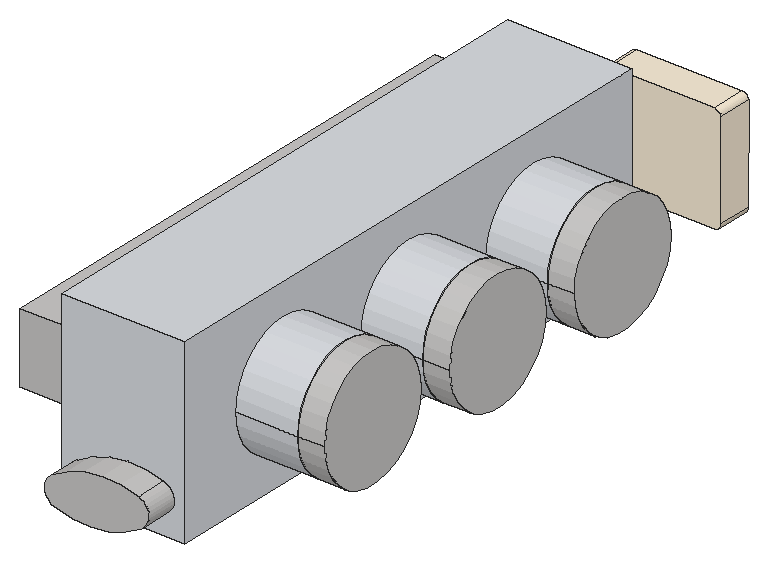
Revit family "HVAC_Ductwork_Airzone_Motorized-Plenum_Galletti_Standard_3-Dampers", category Mechanical Equipment, Revit 2016
Family settings
  Part Type = Normal
  Round Connector Dimension = Use Diameter
  OmniClass Number = 23.75.70.14
  OmniClass Title = Air Ductwork
  Work Plane-Based = No
  Always vertical = Yes
  Cut with Voids When Loaded = No
  Shared = No
  Room Calculation Point = No
Parameters (values of type "GALST01S3")
  Voltage = 230 V
  URL = "www.airzone.es"
  Type Image Comments = "Image available in product documentation download"  # constant formula
  Revit Model Version = "1.0"  # constant formula
  Revit Model Author URL = "www.a3d.es"
  Revit Model Author = "A3D Consulting"  # constant formula
  Product Documentation Download URL = "http://doc.airzone.es/BIM/Easyzone/Galleti-Airzone_motorized_plenum.zip"
  Product Comments = "Refer to technical documentation for further details"  # constant formula
  Power Factor = 1
  Neck Width = 863.600 mm
  Neck Length = 95.000 mm
  Neck Height = 116.600 mm
  Material = Metal - AIRZONE - Galvanized Sheet - Semi-polished
  Main Control Board Material = Plastic - AIRZONE - Smooth - Off-white
  Load Classification = Other
  Insulated Body Width = 205.000 mm  # constant formula
  Insulated Body Material = Metal -AIRZONE - Insulating Lining -Aluminum Finish
  Insulated Body Length = 930.000 mm  # constant formula
  Insulated Body Height = 300.000 mm  # constant formula
  Flow [instance] = Damper 3 Air Flow + Damper 2 Air Flow + Damper 1 Air Flow - Fresh Air Inlet 2 Flow - Fresh Air Inlet 1 Flow  # 900 m³/h
  Fresh Air Inlet 1 Flow [instance] = 0 m³/h
  Fresh Air Inlet 2 Flow [instance] = 0 m³/h
  Fresh Air Inlet Connection Width = 175.000 mm
  Fresh Air Inlet Connection Height = 75.000 mm
  Model = "GALST01S3"
  Neck Side Offset = 33.200 mm
  Neck Bottom Offset = 113.200 mm
  Type Image = <None>
  Manufacturer = "AIRZONE"  # constant formula
  Main Control Board Depth = 57.000 mm  # constant formula
  Main Control Board Width = 195.000 mm  # constant formula
  Main Control Board Height = 180.000 mm  # constant formula
  Fixing = ""
  Disclaimer = "All information provided in this model is reviewed before being published. However, Airzone cannot guarantee this model is error-free, therefore users are strongly encouraged to check for technical documentation and updates"  # constant formula
  Description = "Airzone standard motorized plenum with neck that mechanically adapts to the main ducted AC units of Galletti."
  Type Comments = ""
  Dampers Length = 149.000 mm  # constant formula
  Dampers Diameter = 200.000 mm  # constant formula
  Damper 1 Air Flow [instance] = 300 m³/h
  Damper 2 Air Flow [instance] = 300 m³/h
  Damper 3 Air Flow [instance] = 300 m³/h
  Fresh Air Inlet Connection Offset Height = 48.305 mm  # constant formula
  Compatible Accesories = ""
  Apparent Load = 57.5 VA
Reference planes
  plane 1 "Center (Front/Back)": y = 0
  plane 2 "Center (Elevation)": z = 0
  plane 3 "Center (Left/Right)": x = 0
  plane 4 "Neck Back": y = 431.8
  plane 5 "Neck Front": y = -431.8
  plane 6 "Neck Top": z = 58.3
  plane 7 "Neck Bottom": z = -58.3
  plane 8 "Left": x = 95
  plane 9 "Bottom": z = -171.5
  plane 10 "Top": z = 128.5
  plane 11 "Front": y = -465
  plane 12 "Back": y = 465
  plane 13 "Right": x = 300
  plane 14 "Dampers Front": x = 449
  plane 15 "Dampers Center (Elevation)": z = -21.5
  plane 16 "Damper3": y = -260
  plane 17 "Damper2": y = 0
  plane 18 "Damper1": y = 260
  plane 19 "Middle": y = 0
  plane 20 "FreshAir Center (Elevation)": z = -123.195
  plane 21 "FreshAir1": y = 517.5
  plane 22 "FreshAir2": y = -517.5
  plane 23 "Dampers Lining": x = 404
  plane 24 "FreshAir Vertical Axis": x = 195.83
  plane 25 "ConnectionBox Side": x = 254
  plane 26 "Main Control Board Center (Left/Right)": x = 351.5
Forms (mm)
  Extrusion 1, solid, material "Metal - AIRZONE - Galvanized Sheet - Semi-polished" <- "Material"
    sketch origin (0, 0, 0) x (0, 1, 0) y (0, 0, 1)
      loop
        line (-431.8, 58.3) -> (-431.8, -58.3) -> (431.8, -58.3) -> (431.8, 58.3) -> (-431.8, 58.3)
    from 0 to 95
  Extrusion 2, solid, material "Metal -AIRZONE - Insulating Lining -Aluminum Finish" <- "Insulated Body Material"
    sketch origin (95, 0, 0) x (0, 1, 0) y (0, 0, 1)
      loop
        line (-465, 128.5) -> (-465, -171.5) -> (465, -171.5) -> (465, 128.5) -> (-465, 128.5)
    from 0 to 205
  Extrusion 3, solid, material "Metal - AIRZONE - Galvanized Sheet - Semi-polished" <- "Material"
    sketch origin (300, 0, 0) x (0, 1, 0) y (0, 0, 1)
      loop
        circle (-260, -21.5) r 100
    from 104 to 149
  Extrusion 4, solid, material "Metal - AIRZONE - Galvanized Sheet - Semi-polished" <- "Material"
    sketch origin (300, 0, 0) x (0, 1, 0) y (0, 0, 1)
      loop
        circle (0, -21.5) r 100
    from 104 to 149
  Extrusion 5, solid, material "Metal - AIRZONE - Galvanized Sheet - Semi-polished" <- "Material"
    sketch origin (300, 0, 0) x (0, 1, 0) y (0, 0, 1)
      loop
        circle (260, -21.5) r 100
    from 104 to 149
  Extrusion 6, solid, material "Metal - AIRZONE - Galvanized Sheet - Semi-polished" <- "Material"
    sketch origin (0, -465, 0) x (0, 0, 1) y (1, 0, 0)
      loop
        arc (-90.641, 265.204) -> (-112.108, 282.105) -> (-136.812, 270.434) r 25.96
        arc (-136.812, 270.434) -> (-162.802, 200.598) -> (-155.349, 126.456) r 164.67
        arc (-155.349, 126.456) -> (-134.165, 109.589) -> (-109.494, 120.751) r 25.96
        arc (-109.494, 120.751) -> (-83.225, 190.78) -> (-90.641, 265.204) r 164.67
    from 0 to -52.5
  Extrusion 7, solid, material "Metal - AIRZONE - Galvanized Sheet - Semi-polished" <- "Material"
    sketch origin (0, 465, 0) x (0, 0, 1) y (1, 0, 0)
      loop
        arc (-90.641, 265.204) -> (-111.825, 282.071) -> (-136.496, 270.909) r 25.96
        arc (-136.496, 270.909) -> (-162.679, 201.53) -> (-155.767, 127.699) r 164.67
        arc (-155.767, 127.699) -> (-134.532, 109.637) -> (-109.178, 121.226) r 25.96
        arc (-109.178, 121.226) -> (-83.188, 191.062) -> (-90.641, 265.204) r 164.67
    from 0 to 52.5
  Extrusion 8, solid, material "Metal -AIRZONE - Insulating Lining -Aluminum Finish" <- "Insulated Body Material"
    sketch origin (300, 0, 0) x (0, 1, 0) y (0, 0, 1)
      loop
        circle (260, -21.5) r 100
    from 0 to 104
  Extrusion 9, solid, material "Metal -AIRZONE - Insulating Lining -Aluminum Finish" <- "Insulated Body Material"
    sketch origin (300, -260, 0) x (0, 1, 0) y (0, 0, 1)
      loop
        circle (260, -21.5) r 100
    from 0 to 104
  Extrusion 10, solid, material "Metal -AIRZONE - Insulating Lining -Aluminum Finish" <- "Insulated Body Material"
    sketch origin (300, -520, 0) x (0, 1, 0) y (0, 0, 1)
      loop
        circle (260, -21.5) r 100
    from 0 to 104
Lines and regions (mm)
  Masking region 1
    outline origin (0, 0, 0) x (1, 0, 0) y (0, 1, 0)
      loop
        line (95, 465) -> (95, -465) -> (300, -465) -> (300, 465) -> (95, 465)
  Masking region 2, detail levels medium+fine
    outline origin (0, 0, 0) x (1, 0, 0) y (0, 1, 0)
      loop
        line (0, 431.8) -> (0, -431.8) -> (95, -431.8) -> (95, 431.8) -> (0, 431.8)
  Masking region 3, detail levels medium+fine
    outline origin (0, 0, 0) x (1, 0, 0) y (0, 1, 0)
      loop
        line (300, -160) -> (300, -360) -> (449, -360) -> (449, -160) -> (300, -160)
  Masking region 4, detail levels medium+fine
    outline origin (0, 260, 0) x (1, 0, 0) y (0, 1, 0)
      loop
        line (300, -160) -> (300, -360) -> (449, -360) -> (449, -160) -> (300, -160)
  Masking region 5, detail levels medium+fine
    outline origin (0, 520, 0) x (1, 0, 0) y (0, 1, 0)
      loop
        line (300, -160) -> (300, -360) -> (449, -360) -> (449, -160) -> (300, -160)
  Masking region 6, detail levels medium+fine
    outline origin (0, 0, -123.195) x (1, 0, 0) y (0, 1, 0)
      loop
        line (108.33, 517.5) -> (108.33, 465) -> (283.33, 465) -> (283.33, 517.5) -> (108.33, 517.5)
  Masking region 7, detail levels medium+fine
    outline origin (0, 0, -123.195) x (1, 0, 0) y (0, 1, 0)
      loop
        line (108.33, -465) -> (108.33, -517.5) -> (283.33, -517.5) -> (283.33, -465) -> (108.33, -465)
  Masking region 8, detail levels medium+fine
    outline origin (0, 0, 128.5) x (0, -1, 0) y (1, 0, 0)
      loop
        line (-522, 254) -> (-465, 254) -> (-465, 449) -> (-522, 449) -> (-522, 254)
  symbolic lines, detail levels coarse
    curve 1: line (95, -465, 0) -> (300, 0, 0)
    curve 2: line (300, 0, 0) -> (95, 465, 0)
Dimensions and locks
  equal spacing: plane 4 "Neck Back", plane 1 "Center (Front/Back)", plane 5 "Neck Front"
  "Neck Width": plane 4 "Neck Back" to plane 5 "Neck Front"
  equal spacing: plane 6 "Neck Top", level, plane 7 "Neck Bottom"
  "Neck Height": plane 6 "Neck Top" to plane 7 "Neck Bottom"
  "Neck Length": plane 3 "Center (Left/Right)" to plane 8 "Left"
  "Neck Bottom Offset": plane 7 "Neck Bottom" to plane 9 "Bottom"
  "Insulated Body Height": plane 10 "Top" to plane 9 "Bottom"
  "Insulated Body Length": plane 12 "Back" to plane 11 "Front"
  "Insulated Body Width": plane 8 "Left" to plane 13 "Right"
  "Dampers Length": plane 13 "Right" to plane 14 "Dampers Front"
  equal spacing: plane 10 "Top", plane 15 "Dampers Center (Elevation)", plane 9 "Bottom"
  plane 18 "Damper1" to plane 17 "Damper2" to plane 16 "Damper3" = 260.000 mm locked, 260.000 mm locked
  equal spacing: plane 12 "Back", plane 19 "Middle", plane 11 "Front"
  plane 8 "Left" to plane 13 "Right" = 205.000 mm
  "Fresh Air Inlet Connection Offset Height": plane 20 "FreshAir Center (Elevation)" to plane 9 "Bottom"
  locked: Extrusion 6 sketch curve to plane 9 "Bottom" at 56.47
  locked: plane 13 "Right" to Extrusion 6 sketch curve at 43.69
  locked: plane 13 "Right" to Extrusion 6 sketch curve at 164.65
  locked: Extrusion 6 sketch curve to plane 9 "Bottom" at 40.54
  locked: plane 13 "Right" to Extrusion 6 sketch curve at 87.91
  locked: plane 9 "Bottom" to Extrusion 6 sketch curve at 75.01
  locked: plane 13 "Right" to Extrusion 6 sketch curve at 120.43
  locked: Extrusion 6 sketch curve to plane 9 "Bottom" at 172.02
  locked: plane 13 "Right" to Extrusion 7 sketch curve at 43.69
  locked: Extrusion 7 sketch curve to plane 9 "Bottom" at 56.47
  locked: Extrusion 7 sketch curve to plane 9 "Bottom" at 40.54
  locked: plane 13 "Right" to Extrusion 7 sketch curve at 164.65
  locked: plane 13 "Right" to Extrusion 7 sketch curve at 120.43
  locked: Extrusion 7 sketch curve to plane 9 "Bottom" at 172.02
  locked: plane 9 "Bottom" to Extrusion 7 sketch curve at 75.01
  locked: plane 13 "Right" to Extrusion 7 sketch curve at 87.91
  "Neck Side Offset": plane 12 "Back" to plane 4 "Neck Back"
  equal spacing: plane 12 "Back", plane 17 "Damper2", plane 11 "Front"
  locked: plane 21 "FreshAir1" to plane 12 "Back" at 52.5
  plane 11 "Front" to plane 22 "FreshAir2" = 52.500 mm
  locked: connector elem to plane 13 "Right" at 104.17
  locked: plane 20 "FreshAir Center (Elevation)" to connector elem
  locked: plane 13 "Right" to connector elem at 104.17
  locked: connector elem to plane 20 "FreshAir Center (Elevation)"
  locked: plane 23 "Dampers Lining" to plane 14 "Dampers Front" at 45
  locked: plane 24 "FreshAir Vertical Axis" to plane 13 "Right" at 104.17
  equal spacing: Masking region 3 sketch curve, plane 16 "Damper3", Masking region 3 sketch curve
  "Dampers Diameter": Masking region 3 sketch curve to Masking region 3 sketch curve
  equal spacing: Masking region 4 sketch curve, plane 17 "Damper2", Masking region 4 sketch curve
  "Dampers Diameter": Masking region 4 sketch curve to Masking region 4 sketch curve
  equal spacing: Masking region 5 sketch curve, plane 18 "Damper1", Masking region 5 sketch curve
  "Dampers Diameter": Masking region 5 sketch curve to Masking region 5 sketch curve
  equal spacing: Masking region 6 sketch curve, plane 24 "FreshAir Vertical Axis", Masking region 6 sketch curve
  "Fresh Air Inlet Connection Width": Masking region 6 sketch curve to Masking region 6 sketch curve
  equal spacing: Masking region 7 sketch curve, plane 24 "FreshAir Vertical Axis", Masking region 7 sketch curve
  "Fresh Air Inlet Connection Width": Masking region 7 sketch curve to Masking region 7 sketch curve
  "Main Control Board Depth": Masking region 8 sketch curve to plane 12 "Back"
  "Main Control Board Width": plane 25 "ConnectionBox Side" to plane 14 "Dampers Front"
  equal spacing: plane 25 "ConnectionBox Side", plane 26 "Main Control Board Center (Left/Right)", plane 14 "Dampers Front"
  locked: nested 1 to plane 10 "Top" at 10
  "Dampers Diameter": diameter of Extrusion 3 sketch curve
  "Dampers Diameter": diameter of Extrusion 4 sketch curve
  "Dampers Diameter": diameter of Extrusion 5 sketch curve
  radius of Extrusion 7 sketch curve = 164.670 mm  (x2)
  radius of Extrusion 7 sketch curve = 25.960 mm  (x2)
  radius of Extrusion 6 sketch curve = 164.670 mm  (x2)
  radius of Extrusion 6 sketch curve = 25.960 mm  (x2)
  "Dampers Diameter": diameter of Extrusion 8 sketch curve
  "Dampers Diameter": diameter of Extrusion 9 sketch curve
  "Dampers Diameter": diameter of Extrusion 10 sketch curve
  aligned and locked: level to plane 2 "Center (Elevation)"
  aligned and locked: plane 5 "Neck Front" to Extrusion 1 sketch curve
  aligned and locked: Extrusion 1 sketch curve to plane 6 "Neck Top"
  aligned and locked: Extrusion 1 sketch curve to plane 4 "Neck Back"
  aligned and locked: plane 7 "Neck Bottom" to Extrusion 1 sketch curve
  aligned and locked: Extrusion 1 to plane 3 "Center (Left/Right)"
  aligned and locked: Extrusion 2 sketch curve to plane 10 "Top"
  aligned and locked: Extrusion 2 sketch curve to plane 12 "Back"
  aligned and locked: plane 9 "Bottom" to Extrusion 2 sketch curve
  aligned and locked: plane 11 "Front" to Extrusion 2 sketch curve
  aligned and locked: plane 13 "Right" to Extrusion 2
  aligned and locked: Extrusion 2 to plane 8 "Left"
  aligned and locked: plane 16 "Damper3" to Extrusion 3 sketch curve
  aligned and locked: plane 15 "Dampers Center (Elevation)" to Extrusion 3 sketch curve
  aligned and locked: plane 17 "Damper2" to Extrusion 4 sketch curve
  aligned and locked: plane 15 "Dampers Center (Elevation)" to Extrusion 4 sketch curve
  aligned and locked: plane 18 "Damper1" to Extrusion 5 sketch curve
  aligned and locked: plane 15 "Dampers Center (Elevation)" to Extrusion 5 sketch curve
  aligned and locked: plane 14 "Dampers Front" to Extrusion 5
  aligned and locked: plane 14 "Dampers Front" to Extrusion 4
  aligned and locked: plane 14 "Dampers Front" to Extrusion 3
  aligned and locked: plane 8 "Left" to Extrusion 1
  aligned and locked: plane 22 "FreshAir2" to Extrusion 6
  aligned and locked: plane 21 "FreshAir1" to Extrusion 7
  aligned and locked: Extrusion 7 to plane 12 "Back"
  aligned and locked: plane 11 "Front" to Extrusion 6
  aligned and locked: Extrusion 5 to plane 23 "Dampers Lining"
  aligned and locked: Extrusion 5 to Extrusion 4
  aligned and locked: Extrusion 4 to Extrusion 3
  aligned and locked: plane 23 "Dampers Lining" to Extrusion 8
  aligned and locked: Extrusion 10 to plane 13 "Right"
  aligned and locked: plane 23 "Dampers Lining" to Extrusion 10
  aligned and locked: Extrusion 9 to plane 13 "Right"
  aligned and locked: plane 23 "Dampers Lining" to Extrusion 9
  aligned and locked: Extrusion 8 to plane 13 "Right"
  aligned and locked: Extrusion 9 to Extrusion 8
  aligned and locked: plane 18 "Damper1" to Extrusion 8 sketch curve
  aligned and locked: plane 15 "Dampers Center (Elevation)" to Extrusion 8 sketch curve
  aligned and locked: plane 17 "Damper2" to Extrusion 9 sketch curve
  aligned and locked: plane 15 "Dampers Center (Elevation)" to Extrusion 9 sketch curve
  aligned and locked: plane 16 "Damper3" to Extrusion 10 sketch curve
  aligned and locked: plane 15 "Dampers Center (Elevation)" to Extrusion 10 sketch curve
  aligned and locked: Masking region 1 sketch curve to plane 12 "Back"
  aligned and locked: plane 8 "Left" to Masking region 1 sketch curve
  aligned and locked: Masking region 1 sketch curve to plane 13 "Right"
  aligned and locked: plane 11 "Front" to Masking region 1 sketch curve
  aligned and locked: plane 5 "Neck Front" to Masking region 2 sketch curve
  aligned and locked: plane 3 "Center (Left/Right)" to Masking region 2 sketch curve
  aligned and locked: Masking region 2 sketch curve to plane 4 "Neck Back"
  aligned and locked: Masking region 2 sketch curve to plane 8 "Left"
  aligned and locked: plane 13 "Right" to Masking region 3 sketch curve
  aligned and locked: Masking region 3 sketch curve to plane 14 "Dampers Front"
  aligned and locked: plane 13 "Right" to Masking region 4 sketch curve
  aligned and locked: Masking region 4 sketch curve to plane 14 "Dampers Front"
  aligned and locked: plane 13 "Right" to Masking region 5 sketch curve
  aligned and locked: Masking region 5 sketch curve to plane 14 "Dampers Front"
  aligned and locked: plane 12 "Back" to Masking region 6 sketch curve
  aligned and locked: Masking region 6 sketch curve to plane 21 "FreshAir1"
  aligned and locked: Masking region 7 sketch curve to plane 11 "Front"
  aligned and locked: Masking region 7 sketch curve to plane 22 "FreshAir2"
  aligned and locked: plane 12 "Back" to Masking region 8 sketch curve
  aligned and locked: Masking region 8 sketch curve to plane 14 "Dampers Front"
  aligned and locked: plane 25 "ConnectionBox Side" to Masking region 8 sketch curve
  aligned and locked: nested 1 to plane 26 "Main Control Board Center (Left/Right)"
Automatic sketch dimensions
  curve 2 to plane 8 "Left" = 0.000 mm
  curve 1 to plane 8 "Left" = 0.000 mm
  curve 1 to plane 13 "Right" = 0.000 mm
  curve 1 to plane 11 "Front" = 0.000 mm
  curve 2 to plane 17 "Damper2" = 0.000 mm
  curve 2 to plane 12 "Back" = 0.000 mm
Nested families
  nested 1: "Airzone_Main-Control-Board" at (351.5, 465, 28.5) x (-1, 0, 0) z (0, 1, 0), Extrusion <- "Main Control Board Depth", Height <- "Main Control Board Height", Width <- "Main Control Board Width", Material <- "Main Control Board Material", type "Standard"
    with Width 195.000 mm, Material Plastic - AIRZONE - Smooth - Off-white, Height 180.000 mm, Extrusion 57.000 mm
Connectors
  hvac at (449, -260, -21.5), driven by "Damper 3 Air Flow", driven by "Dampers Diameter"
    settings: on Extrusion 3, index 1, duct flow 300 m³/h, flow factor 0, pres drop 0.0 Pa, loss coef 0, conn angle 0.00°, conn width 304.8 mm, conn height 304.8 mm, conn diameter 200 mm, duct sys type 1, conn prof type 0, flow config 0, flow direction 2, loss method 0, conn ref index -1, conn util no, is conn primary no, conn desc "Supply Air Out 3"
  hvac at (449, 0, -21.5), driven by "Damper 2 Air Flow", driven by "Dampers Diameter"
    settings: on Extrusion 4, index 2, duct flow 300 m³/h, flow factor 0, pres drop 0.0 Pa, loss coef 0, conn angle 0.00°, conn width 304.8 mm, conn height 304.8 mm, conn diameter 200 mm, duct sys type 1, conn prof type 0, flow config 0, flow direction 2, loss method 0, conn ref index -1, conn util no, is conn primary no, conn desc "Supply Air Out 2"
  hvac at (449, 260, -21.5), driven by "Damper 1 Air Flow", driven by "Dampers Diameter"
    settings: on Extrusion 5, index 3, duct flow 300 m³/h, flow factor 0, pres drop 0.0 Pa, loss coef 0, conn angle 0.00°, conn width 304.8 mm, conn height 304.8 mm, conn diameter 200 mm, duct sys type 1, conn prof type 0, flow config 0, flow direction 2, loss method 0, conn ref index -1, conn util no, is conn primary no, conn desc "Supply Air Out 1"
  hvac at (0, 0, 0), driven by "Flow", driven by "Neck Height", driven by "Neck Width"
    settings: on Extrusion 1, index 6, duct flow 900 m³/h, flow factor 0, pres drop 0.0 Pa, loss coef 0, conn angle 0.00°, conn width 863.6 mm, conn height 116.6 mm, conn diameter 609.6 mm, duct sys type 1, conn prof type 1, flow config 1, flow direction 1, loss method 0, conn ref index -1, conn util no, is conn primary yes, conn desc "Supply Air In"
  hvac at (195.83, -517.5, -123.195), driven by "Fresh Air Inlet 2 Flow", driven by "Fresh Air Inlet Connection Width", driven by "Fresh Air Inlet Connection Height"
    settings: index 7, duct flow 0 m³/h, flow factor 0, pres drop 0.0 Pa, loss coef 0, conn angle 0.00°, conn width 175 mm, conn height 75 mm, conn diameter 609.6 mm, duct sys type 1, conn prof type 2, flow config 1, flow direction 1, loss method 0, conn ref index -1, conn util no, is conn primary no, conn desc "Fresh Air In 2"
  hvac at (195.83, 517.5, -123.195), driven by "Fresh Air Inlet 1 Flow", driven by "Fresh Air Inlet Connection Height", driven by "Fresh Air Inlet Connection Width"
    settings: index 8, duct flow 0 m³/h, flow factor 0, pres drop 0.0 Pa, loss coef 0, conn angle 0.00°, conn width 175 mm, conn height 75 mm, conn diameter 609.6 mm, duct sys type 1, conn prof type 2, flow config 1, flow direction 1, loss method 0, conn ref index -1, conn util no, is conn primary no, conn desc "Fresh Air In 1"
  electrical at (351.5, 522, 28.5), driven by "Load Classification", driven by "Voltage", driven by "Apparent Load", driven by "Power Factor"
    settings: on nested 1, index 9, voltage 230 V, apparent load 57.5 VA, apparent load phase1 0 VA, apparent load phase2 0 VA, apparent load phase3 0 VA, power factor 1, load classification "Other", number of poles 1, system type 30, power factor state 1, is connector primary yes, connector utility no, sub classification motor no, connector description "Power Supply"
Definition of nested family "Airzone_Main-Control-Board"
  Parameters (values of type "Standard")
    Width [instance] = 195.000 mm
    URL = "www.airzone.es"
    Revit Model Version = "1.0"  # constant formula
    Revit Model Author URL = "www.a3d.es"
    Revit Model Author = "A3D Consulting"  # constant formula
    Material [instance] = none
    Manufacturer = "AIRZONE"  # constant formula
    Height [instance] = 180.000 mm
    Extrusion [instance] = 57.000 mm
    Default Elevation = 0.000 mm
  Reference planes
    plane 1 "Center (Front/Back)": y = 0
    plane 2: z = 0
    plane 3 "Center (Left/Right)": x = 0
    plane 4: y = 90
    plane 5: y = -90
    plane 6: x = 97.5
    plane 7: x = -97.5
  Forms (mm)
    Extrusion 1, solid, material <- "Material"
      sketch origin (0, 0, 0) x (1, 0, 0) y (0, 1, 0)
        loop
          arc (-87.5, 90) -> (-94.571, 87.071) -> (-97.5, 80) r 10
          line (-97.5, 80) -> (-97.5, -80)
          arc (-97.5, -80) -> (-94.571, -87.071) -> (-87.5, -90) r 10
          line (-87.5, -90) -> (87.5, -90)
          arc (87.5, -90) -> (94.571, -87.071) -> (97.5, -80) r 10
          line (97.5, -80) -> (97.5, 80)
          arc (97.5, 80) -> (94.571, 87.071) -> (87.5, 90) r 10
          line (87.5, 90) -> (-87.5, 90)
      from 0 to 57 <- "Extrusion"
  Dimensions and locks
    equal spacing: plane 7, plane 3 "Center (Left/Right)", plane 6
    equal spacing: plane 4, plane 1 "Center (Front/Back)", plane 5
    "Width": plane 7 to plane 6
    "Height": plane 4 to plane 5
    radius of Extrusion 1 sketch curve = 10.000 mm  (x4)
    aligned and locked: level to plane 2
    aligned and locked: plane 5 to Extrusion 1 sketch curve
    aligned and locked: Extrusion 1 sketch curve to plane 6
    aligned and locked: Extrusion 1 sketch curve to plane 4
    aligned and locked: plane 7 to Extrusion 1 sketch curve
